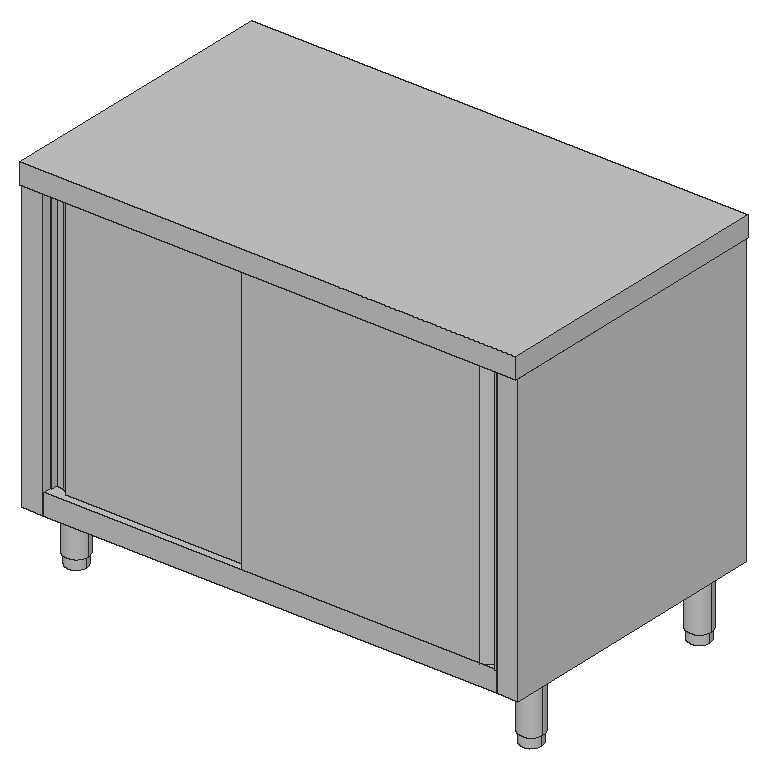
Revit family "QF_ZANUSSI_132783_MTND1200PN", category Attrezzature speciali, Revit 2020
Family settings
  Quota connettore circolare = Usa diametro
  Tipo di parte = Normale
  Basato su piano di lavoro = No
  Sempre verticale = Sì
  Taglio con vuoti quando caricato = No
  Condiviso = No
  Punto di calcolo locali = No
Parameters (values of type "Standard")
  Weight = 55.00 kg
  Watts = 0 W
  Volts = 0 V
  URL Manufacturer = "http://www.zanussiprofessional.com"
  URL = "http://www.zanussiprofessional.com"
  Steam Supply Size = 0 mm
  Steam Supply Minimum Pressure = 0.0 Pa
  Steam Supply Maximum Pressure = 0.0 Pa
  Steam Consumption per Hour = 0
  Refrigeration Suction Line Size = 0.0 mm
  Refrigeration Liquid Line Size = 0.0 mm
  Refrigerant Compressor Remote = yes
  Prospetto di default = 0.0 mm
  Produttore = "Zanussi"
  Phase = 0
  Modello = "MTND1200PN"
  Length Actual = 1200.0 mm  # constant formula
  Item Number = "132783"
  Hot Water Size = 0 mm
  Height Actual = 900.0 mm  # constant formula
  HP = "0 HP"
  Gas Size = 0 mm
  Gas KW = 0
  Gas Input Pressure = 0 W
  Direct Waste Size = 0 mm
  Descrizione = "WORKTOP CUPB.PASSTH+SHELF+SLIDING D.1200"
  Depth Actual = 700.0 mm  # constant formula
  Cycle = 0 Hz
  Condensate Return Size = 0 mm
  Compressed Air Volume = 0.0 L/s
  Compressed Air Size = 0 mm
  Compressed Air Pressure = 0.0 Pa
  Cold Water Size = 0 mm
  Accessory = yes
Reference planes
  plane 1 "Center (Front/Back)": y = 0
  plane 2: z = 0
  plane 3 "Center (Left/Right)": x = -100
  plane 4 "LEFT": x = -700
  plane 5 "RIGHT": x = 500
  plane 6 "BACK": y = 350
  plane 7 "FRONT": y = -350
  plane 8 "Base": z = 850
  plane 9 "TOP": z = 900
  plane 10: x = -650
  plane 11: x = 450
  plane 12: y = 267
  plane 13: y = -241.9
  plane 14 "BodyLeft": x = -699
  plane 15 "BodyFront": y = -344.5
  plane 16 "BodyRight": x = 499
  plane 17 "BodyBack": y = 344.5
  plane 18 "FEET": z = 150
  plane 19: x = -31
  plane 20: x = -169
Forms (mm)
  Extrusion 1, solid, material "QF_Finishes_Stainless Steel"
    sketch origin (-100, 0, 0) x (0, 1, 0) y (0, 0, 1)
      loop
        line (-350, 850) -> (350, 850) -> (350, 900) -> (-350, 900) -> (-350, 850)
    from 600 to -600
  Extrusion 2, solid, material "QF_Finishes_Stainless Steel"
    sketch origin (0, 0, 150) x (-1, 0, 0) y (0, -1, 0)
      loop
        line (699, -344.5) -> (699, 344.5) -> (649, 344.5) -> (649, -344.5) -> (699, -344.5)
      loop
        line (-449, -344.5) -> (-449, 344.5) -> (-499, 344.5) -> (-499, -344.5) -> (-449, -344.5)
    from 0 to 700
  Extrusion 3, solid, material "QF_Finishes_Stainless Steel"
    sketch origin (0, 0, 150) x (-1, 0, 0) y (0, -1, 0)
      loop
        line (649, -344.5) -> (649, 344.5) -> (-449, 344.5) -> (-449, -344.5) -> (649, -344.5)
    from 0 to 50
  Extrusion 4, solid, material "QF_Finishes_Stainless Steel"
    sketch origin (0, 0, 150) x (-1, 0, 0) y (0, -1, 0)
      loop
        line (-449, 344.5) -> (-449, 324.5) -> (169, 324.5) -> (169, 344.5) -> (-409, 344.5) -> (-429, 329.5) -> (-444, 329.5) -> (-444, 344.5) -> (-449, 344.5)
    from 50 to 700
  Extrusion 5, solid, material "QF_Finishes_Stainless Steel"
    sketch origin (0, 20, 150) x (1, 0, 0) y (0, 1, 0)
      loop
        line (-649, -344.5) -> (-644, -344.5) -> (-644, -329.5) -> (-629, -329.5) -> (-609, -344.5) -> (-31, -344.5) -> (-31, -324.5) -> (-649, -324.5) -> (-649, -344.5)
    from 50 to 700
  Extrusion 6, solid, material "QF_Finishes_Stainless Steel"
    sketch origin (0, 0, 150) x (-1, 0, 0) y (0, -1, 0)
      loop
        line (-447.6, -344.5) -> (-442.6, -344.5) -> (-442.6, -329.5) -> (-427.6, -329.5) -> (-407.6, -344.5) -> (169, -344.5) -> (169, -324.5) -> (-447.6, -324.5) -> (-447.6, -344.5)
    from 50 to 700
  Extrusion 7, solid, material "QF_Finishes_Stainless Steel"
    sketch origin (0, -20, 150) x (1, 0, 0) y (0, 1, 0)
      loop
        line (-647.6, 344.5) -> (-647.6, 324.5) -> (-31, 324.5) -> (-31, 344.5) -> (-607.6, 344.5) -> (-627.6, 329.5) -> (-642.6, 329.5) -> (-642.6, 344.5) -> (-647.6, 344.5)
    from 50 to 700
  Extrusion 8, solid, material "QF_Finishes_Stainless Steel"
    sketch origin (0, 0, 0) x (1, 0, 0) y (0, 1, 0)
      loop
        line (-649, -304.5) -> (449, -304.5) -> (449, 304.5) -> (-649, 304.5) -> (-649, -304.5)
    from 500 to 540
Lines and regions (mm)
  symbolic lines
    curve 1: line (500, 350, 900) -> (-700, 350, 900)
    curve 2: line (-700, 350, 900) -> (-700, -350, 900)
    curve 3: line (-700, -350, 900) -> (500, -350, 900)
    curve 4: line (500, -350, 900) -> (500, 350, 900)
  symbolic lines, style "SpecialityEquipmentHiddenLines"
    curve 5: line (-699, 344.5, 150) -> (499, 344.5, 150)
    curve 6: line (-699, -344.5, 150) -> (-699, 344.5, 150)
    curve 7: line (499, -344.5, 150) -> (-699, -344.5, 150)
    curve 8: line (499, 344.5, 150) -> (499, -344.5, 150)
    curve 9: line (-649, -304.5, 150) -> (-31, -304.5, 150)
    curve 10: line (-31, -304.5, 150) -> (-31, -324.5, 150)
    curve 11: line (-649, -324.5, 150) -> (449, -324.5, 150)
    curve 12: line (449, -324.5, 150) -> (449, -344.5, 150)
    curve 13: line (-169, -324.5, 150) -> (-169, -344.5, 150)
    curve 14: line (-649, -304.5, 150) -> (-649, -324.5, 150)
Dimensions and locks
  plane 4 "LEFT" to plane 5 "RIGHT" = 1200.0 mm
  equal spacing: plane 4 "LEFT", plane 3 "Center (Left/Right)", plane 5 "RIGHT"
  locked: plane 8 "Base" to level at 850
  plane 9 "TOP" to level = 900.0 mm
  plane 6 "BACK" to plane 7 "FRONT" = 700.0 mm
  equal spacing: plane 6 "BACK", plane 1 "Center (Front/Back)", plane 7 "FRONT"
  locked: plane 4 "LEFT" to plane 14 "BodyLeft" at 1
  locked: plane 16 "BodyRight" to plane 5 "RIGHT" at 1
  locked: plane 15 "BodyFront" to plane 7 "FRONT" at 5.5
  locked: plane 6 "BACK" to plane 17 "BodyBack" at 5.5
  locked: plane 14 "BodyLeft" to plane 10 at 49
  locked: plane 11 to plane 16 "BodyRight" at 49
  locked: plane 13 to plane 15 "BodyFront" at 102.6
  locked: plane 17 "BodyBack" to plane 12 at 77.5
  plane 10 to plane 11 = 1100.0 mm
  plane 12 to plane 13 = 508.9 mm
  locked: plane 14 "BodyLeft" to Extrusion 2 sketch curve at 50
  locked: Extrusion 2 sketch curve to Extrusion 2 sketch curve at 50
  plane 20 to plane 3 "Center (Left/Right)" = 69.0 mm
  plane 3 "Center (Left/Right)" to plane 19 = 69.0 mm
  locked: plane 18 "FEET" to level at 150
  aligned and locked: level to plane 2
  aligned and locked: plane 10 to nested 1
  aligned and locked: nested 1 to plane 13
  aligned and locked: plane 11 to nested 2
  aligned and locked: nested 2 to plane 13
  aligned and locked: plane 11 to nested 4
  aligned and locked: nested 4 to plane 12
  aligned and locked: plane 10 to nested 3
  aligned and locked: nested 3 to plane 12
  aligned and locked: Extrusion 1 to plane 4 "LEFT"
  aligned and locked: plane 5 "RIGHT" to Extrusion 1
  aligned and locked: curve 2 to plane 4 "LEFT"
  aligned and locked: plane 17 "BodyBack" to Extrusion 2 sketch curve
  aligned and locked: Extrusion 2 sketch curve to plane 15 "BodyFront"
  aligned and locked: Extrusion 2 sketch curve to plane 14 "BodyLeft"
  aligned and locked: plane 16 "BodyRight" to Extrusion 2 sketch curve
  aligned and locked: Extrusion 2 sketch curve to plane 17 "BodyBack"
  aligned and locked: plane 15 "BodyFront" to Extrusion 2 sketch curve
  aligned and locked: Extrusion 3 sketch curve to plane 17 "BodyBack"
  aligned and locked: plane 15 "BodyFront" to Extrusion 3 sketch curve
  aligned and locked: plane 8 "Base" to Extrusion 2
  aligned and locked: plane 8 "Base" to Extrusion 4
  aligned and locked: Extrusion 4 to Extrusion 3
  aligned and locked: Extrusion 5 sketch curve to plane 19
  aligned and locked: Extrusion 4 sketch curve to plane 20
  aligned and locked: Extrusion 1 to plane 8 "Base"
  aligned and locked: plane 9 "TOP" to Extrusion 1
  aligned and locked: curve 5 to plane 17 "BodyBack"
  aligned and locked: plane 14 "BodyLeft" to curve 6
  aligned and locked: plane 15 "BodyFront" to curve 7
  aligned and locked: plane 16 "BodyRight" to curve 8
  aligned and locked: Extrusion 3 to Extrusion 2  (x2)
  aligned and locked: Extrusion 8 sketch curve to Extrusion 7
  aligned and locked: Extrusion 8 sketch curve to Extrusion 2  (x2)
  aligned and locked: Extrusion 8 sketch curve to Extrusion 5
Automatic sketch dimensions
  curve 3 to plane 7 "FRONT" = 0.0 mm
  curve 4 to plane 6 "BACK" = 0.0 mm
  Extrusion 1 sketch curve to plane 7 "FRONT" = 0.0 mm
  Extrusion 1 sketch curve to plane 6 "BACK" = 0.0 mm
  Extrusion 1 sketch curve to plane 8 "Base" = 0.0 mm
  Extrusion 1 sketch curve to plane 9 "TOP" = 0.0 mm
  Extrusion 3 sketch curve to plane 11 = 1.0 mm
  plane 10 to Extrusion 3 sketch curve = 1.0 mm
  Extrusion 4 sketch curve to plane 15 "BodyFront" = 0.0 mm  (x2)
  Extrusion 4 sketch curve to plane 11 = 41.0 mm
  Extrusion 4 sketch curve to plane 11 = 21.0 mm
  Extrusion 4 sketch curve to plane 11 = 6.0 mm
  Extrusion 4 sketch curve to plane 11 = 1.0 mm
  plane 15 "BodyFront" to Extrusion 4 sketch curve = 15.0 mm
  plane 15 "BodyFront" to Extrusion 4 sketch curve = 20.0 mm
  Extrusion 5 sketch curve to plane 15 "BodyFront" = 20.0 mm  (x2)
  Extrusion 5 sketch curve to plane 10 = 41.0 mm
  Extrusion 5 sketch curve to plane 10 = 21.0 mm
  Extrusion 5 sketch curve to plane 10 = 6.0 mm
  Extrusion 5 sketch curve to plane 10 = 1.0 mm
  Extrusion 5 sketch curve to Extrusion 5 sketch curve = 15.0 mm
  Extrusion 5 sketch curve to Extrusion 5 sketch curve = 20.0 mm
  curve 10 to plane 19 = 0.0 mm
  curve 13 to plane 20 = 0.0 mm
  curve 11 to plane 11 = 1.0 mm
  plane 10 to curve 11 = 1.0 mm
  plane 15 "BodyFront" to curve 9 = 40.0 mm
  curve 12 to curve 12 = 20.0 mm
  Extrusion 6 sketch curve to plane 17 "BodyBack" = 0.0 mm  (x2)
  Extrusion 6 sketch curve to plane 20 = 0.0 mm
  plane 11 to Extrusion 6 sketch curve = 42.4 mm
  plane 11 to Extrusion 6 sketch curve = 22.4 mm
  plane 11 to Extrusion 6 sketch curve = 7.4 mm
  plane 11 to Extrusion 6 sketch curve = 2.4 mm
  plane 17 "BodyBack" to Extrusion 6 sketch curve = 15.0 mm
  plane 17 "BodyBack" to Extrusion 6 sketch curve = 20.0 mm
  Extrusion 7 sketch curve to plane 19 = 0.0 mm
  Extrusion 7 sketch curve to plane 17 "BodyBack" = 20.0 mm  (x2)
  plane 10 to Extrusion 7 sketch curve = 42.4 mm
  plane 10 to Extrusion 7 sketch curve = 22.4 mm
  plane 10 to Extrusion 7 sketch curve = 7.4 mm
  plane 10 to Extrusion 7 sketch curve = 2.4 mm
  Extrusion 7 sketch curve to Extrusion 7 sketch curve = 15.0 mm
  Extrusion 7 sketch curve to Extrusion 7 sketch curve = 20.0 mm
  curve 4 to plane 5 "RIGHT" = 0.0 mm
Nested families
  nested 1: "FEET_D58-150" at (-650, -241.9, 0), type "FEET_D58-150"
  nested 2: "FEET_D58-150" at (450, -241.9, 0), type "FEET_D58-150"
  nested 3: "FEET_D58-150" at (-650, 267, 0), type "FEET_D58-150"
  nested 4: "FEET_D58-150" at (450, 267, 0), type "FEET_D58-150"
Definition of nested family "FEET_D58-150"
  Parameters
    Default Elevation = 0.0 mm
    FEET = 150.0 mm
  Reference planes
    plane 1 "Center (Front/Back)": y = 0
    plane 2: z = 0
    plane 3 "Center (Left/Right)": x = 0
    plane 4: z = 150
  Forms (mm)
    Extrusion 1, solid
      sketch origin (0, 0, 0) x (1, 0, 0) y (0, 1, 0)
        loop
          circle (0, 0) r 25
      from 0 to 25
    Extrusion 2, solid
      sketch origin (0, 0, 0) x (1, 0, 0) y (0, 1, 0)
        loop
          circle (0.061, 0) r 29
      from 25 to 150 <- "FEET"
  Lines and regions (mm)
    symbolic lines
      curve 1: line (0, -1.503, 0) -> (0, 1.508, 0)
      curve 2: line (1.561, 0, 0) -> (-1.439, 0, 0)
  Dimensions and locks
    "FEET": plane 4 to plane 2
    aligned and locked: level to plane 2
  Automatic sketch dimensions
    plane 1 "Center (Front/Back)" to Extrusion 1 sketch curve = 0.0 mm
    Extrusion 1 sketch curve to plane 3 "Center (Left/Right)" = 0.0 mm
    plane 1 "Center (Front/Back)" to curve 2 = 0.0 mm
    curve 1 to plane 3 "Center (Left/Right)" = 0.0 mm
    curve 2 to plane 3 "Center (Left/Right)" = 1.439 mm
    plane 3 "Center (Left/Right)" to curve 2 = 1.561 mm
    plane 1 "Center (Front/Back)" to curve 1 = 1.503 mm
    curve 1 to plane 1 "Center (Front/Back)" = 1.508 mm
    plane 1 "Center (Front/Back)" to Extrusion 2 sketch curve = 0.0 mm
    plane 3 "Center (Left/Right)" to Extrusion 2 sketch curve = 0.061 mm
    radius of Extrusion 1 sketch curve = 25.0 mm
    radius of Extrusion 2 sketch curve = 29.0 mm
